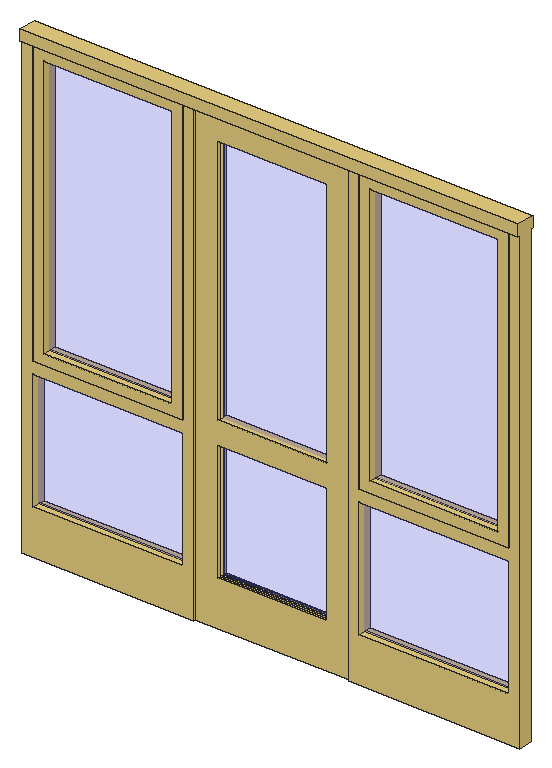
Revit family "DAL_A3-DTI-SL3", category Doors, host Wall, Revit 2016
Family settings
  Host = Wall
  Always vertical = Yes
  Cut with Voids When Loaded = No
  Shared = No
  Room Calculation Point = No
Parameters (values of type "SL3")
  URL = "www.acdoors.co.za"
  Panel Thickness = 44 mm
  Panel Material = Meranti Wood
  Panel Height = Height - Frame Width  # 2032 mm
  Model = "AC Combination Sidelights"
  Middle = (Width / 3) - ((Frame Width * 2) - Frame Width)  # 685.333 mm
  Manufacturer Code = "SL3"
  Manufacturer = "AC Doors"
  Height = 2080 mm
  Wall Closure = By host
  Width = 2200 mm
  Glass Material = Glass
  Function = Interior
  Frame Width = 48 mm
  Frame Thickness = 60 mm
  Frame Material = Meranti Wood
  Assembly Code = "B2030230"
Reference planes
  plane 1 "Center": y = 0
  plane 2 "Center (Left/Right)": x = 12
  plane 3 "Left": x = -1088
  plane 4 "Right": x = 1112
  plane 5: z = 2080
  plane 6 "Exterior": y = 75
  plane 7 "Interior": y = -75
  plane 8: x = -354.667
  plane 9: x = 378.667
  plane 10: x = 1064
  plane 11: x = -1040
  plane 12: x = -378.667
  plane 13: x = -330.667
  plane 14: x = 354.667
  plane 15: x = 402.667
  plane 16: z = 2032
Forms (mm)
  Sweep 1, solid, material "Meranti Wood" <- "Frame Material", detail levels medium+fine
    path origin (0, 0, 0) x (1, 0, 0) y (0, 0, 1)
      loop
        line (1112, 2080) -> (-1088, 2080)
    profile origin (12, 0, 2080) x (0, 0, -1) y (0, -1, 0)
      loop
        line (0, -40) -> (48, -40) -> (48, 40) -> (0, 40) -> (0, -40)
  Extrusion 2, solid, material "Meranti Wood" <- "Frame Material", detail levels medium+fine
    sketch origin (0, 0, 0) x (1, 0, 0) y (0, 0, 1)
      loop
        line (1112, 2032) -> (1064, 2032) -> (1064, 777.333) -> (402.667, 777.333) -> (402.667, 2032) -> (354.667, 2032) -> (354.667, 0) -> (1112, 0) -> (1112, 2032)
      loop
        line (1064, 727.333) -> (402.667, 727.333) -> (402.667, 200) -> (1064, 200) -> (1064, 727.333)
    from -30 to 30
  Extrusion 3, solid, material "Meranti Wood" <- "Frame Material", detail levels medium+fine
    sketch origin (-1500, 0, 0) x (1, 0, 0) y (0, 0, 1)
      loop
        line (1169.333, 2032) -> (1121.333, 2032) -> (1121.333, 777.333) -> (460, 777.333) -> (460, 2032) -> (412, 2032) -> (412, 0) -> (1169.333, 0) -> (1169.333, 2032)
      loop
        line (1121.333, 727.333) -> (460, 727.333) -> (460, 200) -> (1121.333, 200) -> (1121.333, 727.333)
    from -30 to 30
  Extrusion 4, solid, material "Meranti Wood" <- "Frame Material", detail levels medium+fine
    sketch origin (0, 0, 0) x (1, 0, 0) y (0, 0, 1)
      loop
        line (1064, 2032) -> (402.667, 2032) -> (402.667, 777.333) -> (1064, 777.333) -> (1064, 2032)
      loop
        line (1016, 1984) -> (450.667, 1984) -> (450.667, 825.333) -> (1016, 825.333) -> (1016, 1984)
    from -30 to 30
  Extrusion 5, solid, material "Glass" <- "Glass Material", detail levels medium+fine
    sketch origin (0, 0, 0) x (1, 0, 0) y (0, 0, 1)
      loop
        line (1064, 727.333) -> (402.667, 727.333) -> (402.667, 200) -> (1064, 200) -> (1064, 727.333)
      loop
        line (-378.667, 727.333) -> (-1040, 727.333) -> (-1040, 200) -> (-378.667, 200) -> (-378.667, 727.333)
      loop
        line (1016, 1984) -> (450.667, 1984) -> (450.667, 825.333) -> (1016, 825.333) -> (1016, 1984)
      loop
        line (-426.667, 1984) -> (-992, 1984) -> (-992, 825.333) -> (-426.667, 825.333) -> (-426.667, 1984)
    from -4 to 4
  Extrusion 6, solid, material "Meranti Wood" <- "Frame Material", detail levels medium+fine
    sketch origin (0, 0, 0) x (1, 0, 0) y (0, 0, 1)
      loop
        line (-378.667, 2032) -> (-1040, 2032) -> (-1040, 777.333) -> (-378.667, 777.333) -> (-378.667, 2032)
      loop
        line (-426.667, 1984) -> (-992, 1984) -> (-992, 825.333) -> (-426.667, 825.333) -> (-426.667, 1984)
    from -30 to 30
Cuts and joins
  joined: Sweep 1, Extrusion 2, Extrusion 3
Lines and regions (mm)
  Opening 1
    outline origin (-3050, -75, 0) x (1, 0, 0) y (0, 0, 1)
      loop
        line (1962, 0) -> (4162, 0) -> (4162, 2080) -> (1962, 2080) -> (1962, 0)
  symbolic lines, style "Elevation Swing"
    curve 1: line (1016, 0, 1984) -> (450.667, 0, 1404.667)
    curve 2: line (450.667, 0, 1404.667) -> (1016, 0, 825.333)
    curve 3: line (-992, 0, 1984) -> (-426.667, 0, 1404.667)
    curve 4: line (-426.667, 0, 1404.667) -> (-992, 0, 825.333)
    curve 5: line (-330.667, 0, 2032) -> (354.667, 0, 1016)
    curve 6: line (354.667, 0, 1016) -> (-330.667, 0, 0)
Text (mm)
  text "Exterior" at (-2295.016, 1099.543, 0), in view "Ref. Level"
  text "Exterior" at (0, 1615.38, 3698.081), in view "Left"
  text "Exterior" at (0, 1036.032, 3874.932), in view "Right"
Dimensions and locks
  equal spacing: plane 3 "Left", plane 2 "Center (Left/Right)", plane 4 "Right"
  "Width": plane 3 "Left" to plane 4 "Right"
  "Height": plane 5 to host wall
  locked: plane 6 "Exterior" to host wall at 0
  locked: plane 7 "Interior" to host wall
  "Frame Width": Sweep 1 sketch curve to Sweep 1 sketch curve
  equal spacing: plane 3 "Left", plane 8, plane 9, plane 4 "Right"
  "Frame Width": plane 3 "Left" to plane 11
  "Frame Width": plane 10 to plane 4 "Right"
  equal spacing: plane 12, plane 8, plane 13
  equal spacing: plane 14, plane 9, plane 15
  "Frame Width": plane 12 to plane 13
  "Frame Width": plane 14 to plane 15
  equal spacing: Extrusion 2, plane 1 "Center", Extrusion 2
  "Frame Thickness": Extrusion 2 to Extrusion 2
  locked: Extrusion 2 to Sweep 1 sketch curve at 10
  locked: Sweep 1 sketch curve to Extrusion 2 at 10
  "Frame Width": plane 16 to plane 5
  equal spacing: nested 1, Extrusion 2 sketch curve, nested 1
  Extrusion 3 to Extrusion 3 = 60 mm
  "Frame Thickness": Extrusion 3 to Extrusion 3
  equal spacing: nested 1, Extrusion 3 sketch curve, nested 1
  "Frame Width": Extrusion 4 sketch curve to Extrusion 4 sketch curve  (x4)
  "Frame Width": Extrusion 6 sketch curve to Extrusion 6 sketch curve  (x4)
  equal spacing: Extrusion 5, plane 1 "Center", Extrusion 5
  locked: Extrusion 5 to Extrusion 5 at 8
  equal spacing: Extrusion 6, curve 4, Extrusion 6
  equal spacing: cut or joined group of Sweep 1, Extrusion 2, Extrusion 3, curve 2, Extrusion 4
  equal spacing: level, curve 6, plane 16
  aligned and locked: plane 3 "Left" to Opening 1 sketch curve
  aligned and locked: plane 5 to Opening 1 sketch curve  (x2)
  aligned and locked: Opening 1 sketch curve to plane 4 "Right"
  aligned and locked: Opening 1 sketch curve to level
  aligned and locked: plane 1 "Center" to host wall
  aligned and locked: plane 4 "Right" to Sweep 1 sketch curve
  aligned and locked: plane 3 "Left" to Sweep 1 sketch curve
  aligned and locked: plane 5 to Sweep 1 sketch curve
  aligned and locked: Sweep 1 sketch curve to profile plane
  aligned and locked: plane 2 "Center (Left/Right)" to nested 1
  aligned and locked: plane 1 "Center" to nested 1
  aligned and locked: plane 16 to Extrusion 2  (x2)
  aligned and locked: plane 4 "Right" to Extrusion 2 sketch curve
  aligned and locked: plane 10 to Extrusion 2 sketch curve
  aligned and locked: Extrusion 2 sketch curve to plane 15
  aligned and locked: plane 14 to Extrusion 2 sketch curve
  aligned and locked: level to Extrusion 2 sketch curve
  aligned and locked: Extrusion 2 sketch curve to plane 10
  aligned and locked: nested 1 to Extrusion 2 sketch curve
  aligned and locked: plane 15 to Extrusion 2 sketch curve
  aligned and locked: Extrusion 2 sketch curve to nested 1
  aligned and locked: level to Extrusion 3 sketch curve
  aligned and locked: Extrusion 3 sketch curve to plane 13
  aligned and locked: plane 12 to Extrusion 3 sketch curve
  aligned and locked: Extrusion 3 sketch curve to plane 12
  aligned and locked: Extrusion 3 sketch curve to plane 11
  aligned and locked: plane 11 to Extrusion 3 sketch curve
  aligned and locked: Extrusion 3 sketch curve to nested 1
  aligned and locked: nested 1 to Extrusion 3 sketch curve
  aligned and locked: Extrusion 3 sketch curve to plane 3 "Left"
  aligned and locked: Extrusion 3 sketch curve to plane 16  (x2)
  aligned and locked: Extrusion 2 to Extrusion 3
  aligned and locked: Extrusion 3 to Extrusion 2
  aligned and locked: Extrusion 2 to Extrusion 4 sketch curve
  aligned and locked: Extrusion 4 sketch curve to plane 10
  aligned and locked: plane 15 to Extrusion 4 sketch curve
  aligned and locked: Extrusion 4 sketch curve to plane 16
  aligned and locked: Extrusion 2 to Extrusion 4  (x2)
  aligned and locked: Extrusion 2 to Extrusion 5 sketch curve
  aligned and locked: Extrusion 5 sketch curve to Extrusion 2  (x3)
  aligned and locked: Extrusion 3 to Extrusion 5 sketch curve
  aligned and locked: Extrusion 5 sketch curve to Extrusion 3  (x3)
  aligned and locked: Extrusion 4 to Extrusion 5 sketch curve
  aligned and locked: Extrusion 5 sketch curve to Extrusion 4  (x3)
  aligned and locked: Extrusion 3 to Extrusion 6 sketch curve  (x2)
  aligned and locked: Extrusion 6 sketch curve to Extrusion 3  (x2)
  aligned and locked: Extrusion 6 to Extrusion 5 sketch curve
  aligned and locked: Extrusion 5 sketch curve to Extrusion 6  (x3)
  aligned and locked: Extrusion 3 to Extrusion 6  (x2)
  aligned and locked: Extrusion 4 to curve 1
  aligned and locked: curve 1 to Extrusion 4
  aligned and locked: curve 2 to Extrusion 4
  aligned and locked: Extrusion 5 to curve 3
  aligned and locked: curve 3 to Extrusion 5
  aligned and locked: nested 1 to curve 5  (x2)
  aligned and locked: curve 6 to nested 1
Automatic sketch dimensions
  Extrusion 2 sketch curve to plane 16 = 0 mm  (x2)
  curve 6 to level = 0 mm
  curve 5 to plane 16 = 0 mm
  plane 11 to curve 4 = 48 mm
  curve 4 to curve 3 = 579.333 mm
  curve 2 to curve 6 = 190.667 mm
  curve 6 to curve 1 = 388.667 mm
  curve 3 to plane 16 = 48 mm
  curve 1 to plane 16 = 48 mm
Nested families
  nested 1: "D2H" at (-4.973, 4.38, 0), Panel Width <- "Middle", type "D2H", detail levels medium+fine
    with Panel Width 685.333 mm, Panel Height 2032 mm
Definition of nested family "D2H"
  Parameters
    Panel Width [instance] = 813 mm
    Panel Thickess = 44 mm
    Panel Material = none
    Panel Height = 2030 mm
    Offset = 100 mm
    Glass Material = none
  Reference planes
    plane 1 "Center (Front/Back)": y = -4.38
    plane 2: z = 0
    plane 3 "Center (Left/Right)": x = 16.973
    plane 4: y = 17.62
    plane 5: y = -26.38
    plane 6: x = -389.527
    plane 7: x = 423.473
    plane 8: z = 2030
    plane 9: x = -289.527
    plane 10: z = 1930
    plane 11: z = 200
    plane 12: x = 323.473
    plane 13: z = 1925.127
    plane 14: z = 204.873
    plane 15: z = 776.667
    plane 16: z = 1353.333
    plane 17: z = 826.667
    plane 18: z = 726.667
  Forms (mm)
    Sweep 1, solid, material <- "Panel Material"
      path origin (0, -4.38, 0) x (1, 0, 0) y (0, 0, 1)
        loop
          line (-389.527, 0) -> (-389.527, 2030) -> (423.473, 2030) -> (423.473, 0)
      profile origin (16.973, -4.38, 2030) x (0, 0, 1) y (0, -1, 0)
        loop
          line (0, -22) -> (0, 22) -> (-100, 22) -> (-100, -22) -> (0, -22)
    Sweep 2, solid, material <- "Panel Material"
      path origin (0, -4.38, 0) x (1, 0, 0) y (0, 0, 1)
        loop
          line (-289.527, 200) -> (323.473, 200)
      profile origin (16.973, -4.38, 200) x (0, 0, 1) y (0, -1, 0)
        loop
          line (0, -22) -> (0, 22) -> (-200, 22) -> (-200, -22) -> (0, -22)
    Sweep 3, solid, material <- "Panel Material"
      path origin (0, -4.38, 0) x (1, 0, 0) y (0, 0, 1)
        loop
          line (-289.527, 1930) -> (-289.527, 200) -> (323.473, 200) -> (323.473, 1930) -> (-289.527, 1930)
      profile "Glass Suppurt profile : Glass Suppurt profile" origin (16.973, -4.38, 1930) x (0, 0, 1) y (0, -1, 0)
        loop
          line (0, 8) -> (-4.45, 8) -> (-8.45, 4) -> (-4.873, 4) -> (-4.873, -4) -> (-8.45, -4) -> (-4.45, -8) -> (0, -8) -> (0, 8)
    Extrusion 4, solid, material <- "Glass Material"
      sketch origin (0, 0, 0) x (1, 0, 0) y (0, 1, 0)
        loop
          line (-284.655, -0.38) -> (-284.655, -8.38) -> (318.6, -8.38) -> (318.6, -0.38) -> (-284.655, -0.38)
      from 204.873 to 1925.127
    Sweep 5, solid, material <- "Panel Material"
      path origin (0, -4.38, 0) x (1, 0, 0) y (0, 0, 1)
        loop
          line (-289.527, 776.667) -> (323.473, 776.667)
      profile origin (16.973, -4.38, 776.667) x (0, 0, 1) y (0, -1, 0)
        loop
          line (50, -22) -> (50, 22) -> (-50, 22) -> (-50, -22) -> (50, -22)
  Cuts and joins
    joined: Sweep 1, Sweep 2, Sweep 5
  Dimensions and locks
    equal spacing: plane 6, plane 3 "Center (Left/Right)", plane 7
    "Panel Width": plane 6 to plane 7
    equal spacing: plane 4, plane 1 "Center (Front/Back)", plane 5
    "Panel Thickess": plane 4 to plane 5
    locked: plane 11 to level at 200
    "Offset": plane 8 to plane 10
    "Offset": plane 9 to plane 6
    "Offset": plane 12 to plane 7
    "Panel Height": plane 8 to plane 2
    plane 13 to plane 10 = 4.873 mm
    plane 14 to plane 11 = 4.873 mm
    equal spacing: plane 10, plane 16, plane 15, plane 11
    plane 17 to plane 15 to plane 18 = 50 mm, 50 mm
    "Offset": plane 17 to plane 18
    aligned and locked: Sweep 1 sketch curve to plane 8
    aligned and locked: Sweep 1 sketch curve to plane 6
    aligned and locked: Sweep 1 sketch curve to plane 7
    aligned and locked: level to Sweep 1 sketch curve  (x2)
    aligned and locked: plane 4 to Sweep 1 sketch curve
    aligned and locked: Sweep 1 sketch curve to profile plane
    aligned and locked: plane 10 to Sweep 1 sketch curve
    aligned and locked: Sweep 1 sketch curve to plane 5
    aligned and locked: plane 9 to Sweep 2 sketch curve
    aligned and locked: plane 12 to Sweep 2 sketch curve
    aligned and locked: Sweep 2 sketch curve to plane 11
    aligned and locked: plane 4 to Sweep 2 sketch curve
    aligned and locked: Sweep 2 sketch curve to profile plane
    aligned and locked: Sweep 2 sketch curve to Sweep 1
    aligned and locked: Sweep 1 to Sweep 2 sketch curve
    aligned and locked: Sweep 3 sketch curve to Sweep 1  (x2)
    aligned and locked: Sweep 2 to Sweep 3 sketch curve
    aligned and locked: Sweep 3 sketch curve to Sweep 2
    aligned and locked: Extrusion 4 sketch curve to Sweep 3  (x3)
    aligned and locked: Sweep 3 to Extrusion 4 sketch curve
    aligned and locked: Extrusion 4 to plane 13
    aligned and locked: plane 14 to Extrusion 4
    aligned and locked: plane 9 to Sweep 5 sketch curve
    aligned and locked: plane 12 to Sweep 5 sketch curve
    aligned and locked: Sweep 5 sketch curve to plane 15
    aligned and locked: plane 4 to Sweep 5 sketch curve
    aligned and locked: plane 17 to Sweep 5 sketch curve
    aligned and locked: plane 18 to Sweep 5 sketch curve
    aligned and locked: Sweep 5 sketch curve to plane 5
